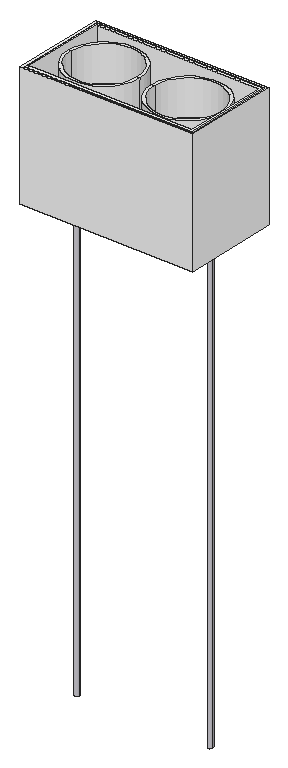
Revit family "Lighting-Pendant-Amerlux-C3M-PM-A17-2 Light", category Lighting Fixtures, host Face, Revit 2015
Parameters
  Suspension Length [instance] = 2' - 0"
  Housing Length = 0' - 9 1/8"
  Voltage = 0 V
  URL = "http://www.amerlux.com"
  Trim [instance] = yes
  Rotation Angle = 90.00°
  Power Factor = 1
  Number of Poles = 1
  Model = "C3M-PM-A17"
  Manufacturer = "Amerlux"
  Housing Width = 0' - 5"
  Lamp = "LED"
  Fixture Finish = White
  Description = "Suspended Multiple 2 Light"
  Depth = 0' - 6 1/2"
  Default Elevation = 4' - 0"
  Apparent Load = 0 VA
Reference planes (in)
  plane 1 "Center (Front/Back)": y = 0
  plane 2: z = 0
  plane 3 "Center (Left/Right)": x = 0
  plane 4: z = 18.64986
  plane 5: z = -4.75
  plane 6: z = 24
  plane 7: z = 30.64986
Forms (in)
  Extrusion 1, void
    sketch origin (0, 0, 0) x (1, 0, 0) y (0, 1, 0)
      loop
        line (-4.4375, 2.375) -> (-4.4375, -2.375) -> (4.4375, -2.375) -> (4.4375, 2.375) -> (-4.4375, 2.375)
    from 26.64597 to 30.5
  Extrusion 2, solid, material "White" <- "Fixture Finish"
    sketch origin (0, 0, 0) x (0, 1, 0) y (0, 0, 1)
      loop
        line (-2.5, 30.5) -> (-2.5, 24) -> (2.5, 24) -> (2.5, 30.5) -> (-2.5, 30.5)
    from -4.5625 to 4.5625
  Extrusion 3, solid, material "White" <- "Fixture Finish"
    sketch origin (0, 0, 0) x (1, 0, 0) y (0, 1, 0)
      loop
        line (-4.3125, 2.25) -> (-4.3125, -2.25) -> (4.3125, -2.25) -> (4.3125, 2.25) -> (-4.3125, 2.25)
      loop
        line (-4.4375, 2.375) -> (-4.4375, -2.375) -> (4.4375, -2.375) -> (4.4375, 2.375) -> (-4.4375, 2.375)
    from 30.5 to 24
  Extrusion 4, solid, material "White Finish"
    sketch origin (-3.5625, 0, 0) x (1, 0, 0) y (0, 1, 0)
      loop
        circle (0, 0) r 0.12434
    from 0 to 24
  Extrusion 5, solid, material "White Finish"
    sketch origin (3.5, 0, 0) x (1, 0, 0) y (0, 1, 0)
      loop
        circle (0, 0) r 0.12434
    from 0 to 24
Cuts and joins
  Extrusion 1 cuts Extrusion 2
Dimensions and locks (in)
  equal spacing: Extrusion 1 sketch curve, plane 1 "Center (Front/Back)", Extrusion 1 sketch curve
  "Suspension Length": plane 6 to level
  "Depth": cut or joined group of Extrusion 1, Extrusion 2 to cut or joined group of Extrusion 1, Extrusion 2
  cut or joined group of Extrusion 1, Extrusion 2 to cut or joined group of Extrusion 1, Extrusion 2 = 0' - 3.85403"
  locked: plane 7 to plane 6 at 6.64986
  equal spacing: cut or joined group of Extrusion 1, Extrusion 2, plane 1 "Center (Front/Back)", cut or joined group of Extrusion 1, Extrusion 2
  "Housing Width": cut or joined group of Extrusion 1, Extrusion 2 to cut or joined group of Extrusion 1, Extrusion 2
  equal spacing: cut or joined group of Extrusion 1, Extrusion 2, plane 3 "Center (Left/Right)", cut or joined group of Extrusion 1, Extrusion 2
  "Housing Length": cut or joined group of Extrusion 1, Extrusion 2 to cut or joined group of Extrusion 1, Extrusion 2
  locked: cut or joined group of Extrusion 1, Extrusion 2 to cut or joined group of Extrusion 1, Extrusion 2 at 3.85403
  aligned and locked: plane 2 to host face
  aligned and locked: level to host face
  aligned and locked: Extrusion 3 to cut or joined group of Extrusion 1, Extrusion 2
  aligned and locked: Extrusion 2 to plane 6
  aligned and locked: cut or joined group of Extrusion 1, Extrusion 2 to Extrusion 3
  aligned and locked: cut or joined group of Extrusion 1, Extrusion 2 to Extrusion 1
  aligned and locked: Extrusion 1 sketch curve to Extrusion 3
  aligned and locked: Extrusion 5 to cut or joined group of Extrusion 1, Extrusion 2
  aligned and locked: Extrusion 4 to cut or joined group of Extrusion 1, Extrusion 2
Automatic sketch dimensions
  host sketch curve to host sketch curve = 2' - 6.49556"
  host sketch curve to host sketch curve = 2' - 7.77944"
  Extrusion 1 sketch curve to plane 3 "Center (Left/Right)" = 0' - 4 7/16"
  plane 1 "Center (Front/Back)" to Extrusion 1 sketch curve = 0' - 2 3/8"
  Extrusion 2 sketch curve to plane 6 = 0' - 0"
  plane 1 "Center (Front/Back)" to Extrusion 2 sketch curve = 0' - 2 1/2"
  Extrusion 2 sketch curve to plane 1 "Center (Front/Back)" = 0' - 2 1/2"
  Extrusion 2 sketch curve to plane 7 = 0' - 0.14986"
  Extrusion 3 sketch curve to plane 3 "Center (Left/Right)" = 0' - 4 7/16"
  Extrusion 3 sketch curve to Extrusion 3 sketch curve = 0' - 0 1/8"  (x4)
  plane 3 "Center (Left/Right)" to Extrusion 3 sketch curve = 0' - 4 5/16"
  plane 1 "Center (Front/Back)" to Extrusion 3 sketch curve = 0' - 2 3/8"
  Extrusion 3 sketch curve to plane 1 "Center (Front/Back)" = 0' - 2 1/4"
  plane 1 "Center (Front/Back)" to Extrusion 4 sketch curve = 0' - 0"
  Extrusion 4 sketch curve to plane 3 "Center (Left/Right)" = 0' - 3 9/16"
  plane 1 "Center (Front/Back)" to Extrusion 5 sketch curve = 0' - 0"
  plane 3 "Center (Left/Right)" to Extrusion 5 sketch curve = 0' - 3 1/2"
  radius of Extrusion 4 sketch curve = 0' - 0.12434"
  radius of Extrusion 5 sketch curve = 0' - 0.12434"
Nested families (in)
  nested 1: "Amerlux-Cylindrix" at (-1.209, 2.00423, 26.64597) x (-1, 0, 0) z (0, 0, 1), Rotation Angle <- "Rotation Angle", type "Lighting-Accent-Amerlux-Cylindrix III Mini C3MV"
    with Rotation Angle 90.00°, Light Source Angle 90.00°
  nested 2: "Amerlux-Cylindrix" at (1.37948, -2.00423, 26.64597), Rotation Angle <- "Rotation Angle", type "Lighting-Accent-Amerlux-Cylindrix III Mini C3MV"
    with Rotation Angle 90.00°, Light Source Angle 90.00°
Connectors (in)
  electrical at (0, 0, 24), driven by "Number of Poles", driven by "Voltage", driven by "Apparent Load", driven by "Power Factor"
    settings: on Extrusion 2, index 1, voltage 0 V, apparent load 0 VA, apparent load phase1 0 VA, apparent load phase2 0 VA, apparent load phase3 0 VA, power factor 1, load classification "Other", number of poles 1, system type 31, power factor state 1, is connector primary yes, connector utility yes, sub classification motor no, connector description "Power"
Definition of nested family "Amerlux-Cylindrix"
  Parameters (values of type "Lighting-Accent-Amerlux-Cylindrix III Mini C3MV")
    Voltage = 0 V
    Rotation Angle [instance] = 90.00°
    Power Factor = 1
    Photometric Web File = ""
    Number of Poles = 1
    Material = none
    Light Source Angle [instance] = Rotation Angle  # 90.00°
    Lamp = "LED"
    Input Wattage = ""
    Wattage = 26 W
    built-in parameter 1150110 = 1 (stored number, unit not read)
    URL = "http://www.amerlux.com"
    built-in parameter 1114217 = 1 (stored number, unit not read)
    Tilt Angle = 90.00°
    built-in parameter 1150109 = 1 (stored number, unit not read)
    built-in parameter 1150134 = 12
    built-in parameter 1150113 = 1 (stored number, unit not read)
    Model = "Cylindrix III Mini"
    Manufacturer = "Amerlux"
    built-in parameter 1150105 = 206.9 (stored number, unit not read)
    Lumens = 2600 lm
    built-in parameter 1150115 = 1 (stored number, unit not read)
    built-in parameter 1150137 = (empty or 0)
    built-in parameter 1150139 = (empty or 0)
    built-in parameter 1150112 = 1 (stored number, unit not read)
    built-in parameter 1150114 = 1 (stored number, unit not read)
    Keynote = ""
    built-in parameter 1150132 = (empty or 0)
    built-in parameter 1150102 = (empty or 0)
    built-in parameter 1150107 = 4000 (stored number, unit not read)
    built-in parameter 1150138 = (empty or 0)
    built-in parameter 1150106 = 2.069 (stored number, unit not read)
    Finish = ""
    Emit from Circle Diameter = 0' - 3 1/4"
    Emit Shape Visible in Rendering = yes
    built-in parameter 1150104 = 9.2903 (stored number, unit not read)
    Dimming Lamp Color Temperature Shift = (empty or 0)
    Description = "Track Lighting"
    Default Elevation = 4' - 0"
    Color Filter = 16777215
    built-in parameter 1114218 = 1 (stored number, unit not read)
    built-in parameter 1150133 = 10 (stored number, unit not read)
    Assembly Code = ""
    Apparent Load = 0 VA
  Reference planes (in)
    plane 1 "Center (Front/Back)": y = 2.00423
    plane 2: z = 0
    plane 3 "Center (Left/Right)": x = 2.916
    plane 4: z = 5.5625
    plane 5: y = 3.00423
    plane 6: y = 1.00423
    plane 7: through (0, 3.00979, 3.84794) normal (0, 0.5736, 0.8192)
    plane 8: through (0, -1.77321, 2.57435) normal (0, -0.5736, -0.8192)
  Forms (in)
    Extrusion 1, solid
      sketch origin (0, -1.75, 0) x (1, 0, 0) y (0, 1, 0)
        loop
          line (-4.834, 9.47868) -> (-4.834, -2.91739) -> (7.17098, -2.91739) -> (7.17098, 9.47868) -> (-4.834, 9.47868)
      from 0 to -0.03652
  Dimensions and locks (in)
    equal spacing: plane 5, plane 1 "Center (Front/Back)", plane 6
    "Rotation Angle": angle level to nested 1
    "Light Source Angle": angle level to imposter light
    aligned and locked: plane 2 to Extrusion 1
    aligned and locked: level to Extrusion 1
    aligned: imposter light to plane 1 "Center (Front/Back)"
    aligned and locked: imposter light to nested 1
  Automatic sketch dimensions
    Extrusion 1 sketch curve to Extrusion 1 sketch curve = 1' - 0.00498"
    Extrusion 1 sketch curve to Extrusion 1 sketch curve = 1' - 0.39607"
  Nested families (in)
    nested 1: "Track Head" at (1.77159, 1.95428, 1.84844) x (0, -1, 0) z (-1, 0, 0), type "Track Head"
  Definition of nested family "Track Head"
    Parameters
      Width = 0' - 3 11/16"
      Material = none
      Default Elevation = 4' - 0"
      Assembly Code = ""
    Reference planes (in)
      plane 1 "Center (Front/Back)": y = 0
      plane 2: z = 0
      plane 3 "Center (Left/Right)": x = 0
      plane 4: z = 0.81682
      plane 5: z = 0.81682
      plane 6: y = 1.84375
      plane 7: y = -1.84375
      plane 8: z = 3.25
    Forms (in)
      Extrusion 1, solid
        sketch origin (0, 0, 0) x (1, 0, 0) y (0, 1, 0)
          loop
            line (-48, 48) -> (-48, -48) -> (48, -48) -> (48, 48) -> (-48, 48)
        from 0 to -0.80444
      Revolve 2, solid, material <- "Material"
        sketch origin (0, 0, -1.8125) x (0, 1, 0) y (0, 0, 1)
          loop
            line (-1.34375, 4.52266) -> (-1.84375, 4.23398) -> (-1.84375, 2.62932) -> (1.84375, 2.62932) -> (1.84375, 4.52266) -> (-1.34375, 4.52266)
          axis (-1.84375, 2.62932) -> (1.84375, 2.62932)
        angle from 0 to 360
      Revolve 3, void
        sketch origin (0, 0, -1.8125) x (0, 1, 0) y (0, 0, 1)
          loop
            line (1.84375, 2.62932) -> (1.84375, 4.37932) -> (0, 4.37932) -> (0, 2.62932) -> (1.84375, 2.62932)
          axis (0, 2.62932) -> (1.84375, 2.62932)
        angle from 0 to 360
    Cuts and joins
      Revolve 3 cuts Revolve 2
    Dimensions and locks (in)
      equal spacing: plane 6, plane 1 "Center (Front/Back)", plane 7
      "Width": plane 6 to plane 7
      radius of cut or joined group of Revolve 2, Revolve 3 = 0' - 1.89334"
      aligned and locked: plane 2 to Extrusion 1
      aligned and locked: level to Extrusion 1
      aligned and locked: Revolve 2 sketch curve to plane 4
      aligned and locked: Revolve 3 sketch curve to plane 5
      aligned and locked: plane 7 to Revolve 2 sketch curve
      aligned and locked: Revolve 2 sketch curve to plane 6
      aligned and locked: cut or joined group of Revolve 2, Revolve 3 to cut or joined group of Revolve 2, Revolve 3
      aligned and locked: plane 1 "Center (Front/Back)" to cut or joined group of Revolve 2, Revolve 3
    Automatic sketch dimensions
      Extrusion 1 sketch curve to Extrusion 1 sketch curve = 8' - 0"  (x2)
      Revolve 3 sketch curve to plane 5 = 0' - 0"
      Revolve 3 sketch curve to plane 1 "Center (Front/Back)" = 0' - 0"
      plane 6 to Revolve 3 sketch curve = 0' - 0"
      Revolve 3 sketch curve to Revolve 3 sketch curve = 0' - 1 3/4"
      plane 7 to Revolve 3 sketch curve = 0' - 0.4751"
      Revolve 3 sketch curve to plane 6 = 0' - 1.36838"
      Revolve 2 sketch curve to plane 4 = 0' - 0"
      Revolve 2 sketch curve to Revolve 2 sketch curve = 0' - 1.89334"
      plane 7 to Revolve 2 sketch curve = 0' - 5.73878"
      Revolve 2 sketch curve to plane 6 = 0' - 7.02134"
      Revolve 2 sketch curve to Revolve 2 sketch curve = 0' - 0.28868"
      Revolve 2 sketch curve to plane 7 = 0' - 0 1/2"
